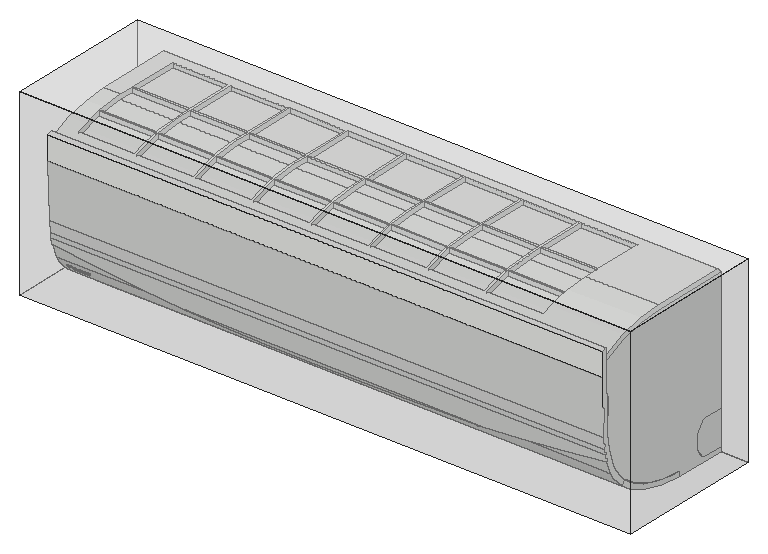
Revit family "outputfile", category 機械設備, Revit 2024
Family settings
  丸型コネクタ寸法 = 半径を使用
  パーツ タイプ = 標準
  OmniClass 番号 = 23.75.10.24.21.27.27
  OmniClass タイトル = Split System Air Conditioning Units
  作業面ベース = いいえ
  常に垂直 = はい
  ロード時にボイドで切り取り = いいえ
  注釈の向きを維持 = いいえ
  共有 = いいえ
  部屋計算ポイント = いいえ
Parameters (values of type "FTKM71QVMA")
  Description = ""
  書き出し IFC クラス(タイプ) = "IfcUnitaryEquipmentType"
  定義済み IFC タイプ(タイプ) = "AIRCONDITIONINGUNIT"
  Cost = 0
  Type Comments = ""
  Keynote = ""
  Type Image = (empty or 0)
  Assembly Code = ""
  w_wall hole = if(Width = 770.0 mm, 48.0 mm, 60.0 mm)  # 60.0 mm
  製造元 = "Daikin"
  モデル = "FTKM71QVMA"
  switch_frequency = yes
  r_Liquid Pipe Size = Liquid Pipe Size / 2  # 3.2 mm
  r_Gas Pipe Size = Gas Pipe Size / 2  # 7.95 mm
  r_Drain Pipe Size = Drain Pipe Size / 2  # 8.0 mm
  lw_powersupply [instance] = if(Width = 770.0 mm, if(or(Rear Right Connection_refrigerant, Bottom Right Connection_refrigerant), 25.0 mm, if(or(Rear Left Connection_refrigerant, Bottom Left Connection_refrigerant), 745.0 mm, 400.0 mm)), if(Width = 990.0 mm, if(or(Rear Right Connection_refrigerant, Bottom Right Connection_refrigerant), 40.0 mm, if(or(Rear Left Connection_refrigerant, Bottom Left Connection_refrigerant), 920.0 mm, 400.0 mm)), if(or(Rear Right Connection_refrigerant, Bottom Right Connection_refrigerant), 40.0 mm, if(or(Rear Left Connection_refrigerant, Bottom Left Connection_refrigerant), 920.0 mm, 400.0 mm))))  # 400.0 mm
  lw_liquidpipe [instance] = if(Width = 770.0 mm, if(or(Rear Right Connection_refrigerant, Bottom Right Connection_refrigerant), 0.0 mm, if(or(Rear Left Connection_refrigerant, Bottom Left Connection_refrigerant), 664.0 mm, 385.0 mm)), if(Width = 900.0 mm, if(or(Rear Right Connection_refrigerant, Bottom Right Connection_refrigerant), 0.0 mm, if(or(Rear Left Connection_refrigerant, Bottom Left Connection_refrigerant), 664.0 mm + (990.0 mm - 770.0 mm), 475.0 mm)), if(or(Rear Right Connection_refrigerant, Bottom Right Connection_refrigerant), 0.0 mm, if(or(Rear Left Connection_refrigerant, Bottom Left Connection_refrigerant), 664.0 mm + (990.0 mm - 770.0 mm), 475.0 mm))))  # 475.0 mm
  lw_gaspipe [instance] = if(Width = 770.0 mm, if(or(Rear Right Connection_refrigerant, Bottom Right Connection_refrigerant), 0.0 mm, if(or(Rear Left Connection_refrigerant, Bottom Left Connection_refrigerant), 675.0 mm, if(Gas Pipe Size = 12.7 mm, 345.0 mm, 335.0 mm))), if(Width = 990.0 mm, if(or(Rear Right Connection_refrigerant, Bottom Right Connection_refrigerant), 10.0 mm, if(or(Rear Left Connection_refrigerant, Bottom Left Connection_refrigerant), 890.0 mm, if(Gas Pipe Size = 15.9 mm, 410.0 mm, 400.0 mm))), if(or(Rear Right Connection_refrigerant, Bottom Right Connection_refrigerant), 10.0 mm, if(or(Rear Left Connection_refrigerant, Bottom Left Connection_refrigerant), 890.0 mm, if(Gas Pipe Size = 15.9 mm, 410.0 mm, 400.0 mm)))))  # 410.0 mm
  lw_drainpipe [instance] = if(Width = 770.0 mm, if(or(Rear Right Connection_refrigerant, Bottom Right Connection_refrigerant), 0.0 mm, if(or(Rear Left Connection_refrigerant, Bottom Left Connection_refrigerant), 770.0 mm - 48.0 mm - 48.0 mm, 440.0 mm)), if(Width = 990.0 mm, if(or(Rear Right Connection_refrigerant, Bottom Right Connection_refrigerant), 0.0 mm, if(or(Rear Left Connection_refrigerant, Bottom Left Connection_refrigerant), 675.0 mm + (990.0 mm - 770.0 mm), 435.0 mm)), if(or(Rear Right Connection_refrigerant, Bottom Right Connection_refrigerant), 0.0 mm, if(or(Rear Left Connection_refrigerant, Bottom Left Connection_refrigerant), 675.0 mm + (990.0 mm - 770.0 mm), 435.0 mm))))  # 435.0 mm
  l_powersupply_length [instance] = if(Width = 770.0 mm, if(Right Connection_refrigerant, 400.0 mm, if(Left Connection_refrigerant, 770.0 mm - 400.0 mm, if(or(Rear Left Connection_refrigerant, Rear Right Connection_refrigerant), 15.0 mm, 50.0 mm))), if(Width = 990.0 mm, if(Right Connection_refrigerant, 400.0 mm, if(Left Connection_refrigerant, 990.0 mm - 400.0 mm, if(or(Rear Left Connection_refrigerant, Rear Right Connection_refrigerant), 15.0 mm, 50.0 mm))), if(Right Connection_refrigerant, 400.0 mm, if(Left Connection_refrigerant, 990.0 mm - 400.0 mm, if(or(Rear Left Connection_refrigerant, Rear Right Connection_refrigerant), 15.0 mm, 50.0 mm)))))  # 400.0 mm
  l_liquidpipe_length [instance] = if(Width = 770.0 mm, if(Right Connection_refrigerant, 433.0 mm, if(Left Connection_refrigerant, 337.0 mm, if(or(Rear Left Connection_refrigerant, Rear Right Connection_refrigerant), 30.0 mm, 40.0 mm))), if(Width = 990.0 mm, if(Right Connection_refrigerant, 535.0 mm, if(Left Connection_refrigerant, 455.0 mm, if(or(Rear Left Connection_refrigerant, Rear Right Connection_refrigerant), 30.0 mm, 40.0 mm))), if(Right Connection_refrigerant, 535.0 mm, if(Left Connection_refrigerant, 455.0 mm, if(or(Rear Left Connection_refrigerant, Rear Right Connection_refrigerant), 30.0 mm, 40.0 mm)))))  # 535.0 mm
  l_gaspipe_length [instance] = if(Width = 770.0 mm, if(Right Connection_refrigerant, if(Gas Pipe Size = 12.7 mm, 393.0 mm, 383.0 mm), if(Left Connection_refrigerant, if(Gas Pipe Size = 12.7 mm, 770.0 mm - 393.0 mm, 770.0 mm - 383.0 mm), if(or(Rear Left Connection_refrigerant, Rear Right Connection_refrigerant), 40.0 mm, 50.0 mm))), if(Width = 990.0 mm, if(Right Connection_refrigerant, if(Gas Pipe Size = 15.9 mm, 470.0 mm, 460.0 mm), if(Left Connection_refrigerant, if(Gas Pipe Size = 15.9 mm, 990.0 mm - 470.0 mm, 990.0 mm - 460.0 mm), if(or(Rear Left Connection_refrigerant, Rear Right Connection_refrigerant), 40.0 mm, 50.0 mm))), if(Right Connection_refrigerant, if(Gas Pipe Size = 15.9 mm, 470.0 mm, 460.0 mm), if(Left Connection_refrigerant, if(Gas Pipe Size = 15.9 mm, 990.0 mm - 470.0 mm, 990.0 mm - 460.0 mm), if(or(Rear Left Connection_refrigerant, Rear Right Connection_refrigerant), 40.0 mm, 50.0 mm)))))  # 470.0 mm
  l_drainpipe_length [instance] = if(Width = 770.0 mm, if(Right Connection_refrigerant, 488.0 mm, if(Left Connection_refrigerant, 282.0 mm, if(or(Rear Left Connection_refrigerant, Rear Right Connection_refrigerant), 15.0 mm, 20.0 mm))), if(Width = 990.0 mm, if(Right Connection_refrigerant, 495.0 mm, if(Left Connection_refrigerant, 495.0 mm, if(or(Rear Left Connection_refrigerant, Rear Right Connection_refrigerant), 15.0 mm, 20.0 mm))), if(Right Connection_refrigerant, 495.0 mm, if(Left Connection_refrigerant, 495.0 mm, if(or(Rear Left Connection_refrigerant, Rear Right Connection_refrigerant), 15.0 mm, 20.0 mm)))))  # 495.0 mm
  h*** = 0.0 mm  # constant formula
  connector_voltage = Voltage_50Hz  # 230 V
  connector_powerinput = [Power Input (Cooling)]  # 0.000 kW
  connector_phase = Phase_50Hz  # 1
  angle_vertical [instance] = if(or(Bottom Left Connection_refrigerant, Bottom Right Connection_refrigerant), 0.00°, 90.00°)  # 90.00°
  angle_horizontal [instance] = if(Right Connection_refrigerant, 90.00°, if(Left Connection_refrigerant, -90.00°, if(or(Rear Left Connection_refrigerant, Rear Right Connection_refrigerant), 180.00°, 0.00°)))  # 90.00°
  Width = 990.0 mm
  Voltage_comment_50Hz = "220 - 240"
  Voltage_50Hz = 230 V
  Version = "ver.1.0"
  Unit Type = "Wall Mounted"
  Unit Mass Weight = 13.00 kg
  Unit Designation [instance] = ""
  Uniclass2015Version = "Products v1.30"
  Uniclass2015Title = "Split coil room air conditioning units"
  Uniclass2015Code = "Pr_70_65_03_86"
  URL = ""
  Total Cooling Capacity [instance] = 0.000 kW
  Sound Pressure Level_M speed (dBA) = 45
  Sound Pressure Level_L speed (dBA) = 37
  Sound Pressure Level_H speed (dBA) = 49
  Sound Power Level_H speed (dB) = 0
  Series = "Single Split_Fan Coil Unit"
  Sensible Cooling Capacity [instance] = 0.000 kW
  Refrigerant Type = "R32"
  Power Input (Cooling) = 0.000 kW
  Phase_50Hz = 1
  Option Accessory 3 [instance] = ""
  Option Accessory 2 [instance] = ""
  Option Accessory 1 [instance] = ""
  Nominal Cooling Capacity = 7.100 kW
  Minimum Circuit Amps_50Hz = 0.0 A
  Minimum Airflow = 738.00 m³/h
  Median Airflow = 936.00 m³/h
  Maximum Fuse Amps_50Hz = 0.0 A
  Maximum Airflow = 1120.00 m³/h
  Material_Casing = DAIKIN_PureWhite_Casing_indoorunit
  Load Classification = HVAC
  Liquid Pipe Size = 6.4 mm
  Link_Nested Family [instance] = ""
  IfcVersion = ""
  IfcExportType = "AIRCONDITIONINGUNIT"
  IfcExportAs = "IfcUnitaryEquipmentType"
  Height = 295.0 mm
  Heat Exchanger Type = "Cross Fin Coil"
  Gas Pipe Size = 15.9 mm
  Frequency_50Hz = 50 Hz
  Fan Type = "Cross Flow Fan"
  Fan Drive = "Direct Drive"
  FCU Tag No. [instance] = ""
  Drain Pipe Size = 16.0 mm
  Design Supply Airflow [instance] = 0.00 m³/h
  Depth = 263.0 mm
  既定の高さ = 0.0 mm
  Cooling Entering Wet Bulb Temperature [instance] = 0.00 °C
  Cooling Entering Dry Bulb Temperature [instance] = 0.00 °C
  Cooling Ambient Wet Bulb Temperature [instance] = 0.00 °C
  Cooling Ambient Dry Bulb Temperature [instance] = 0.00 °C
  Clearance visibility [instance] = yes
  Clearance Top = 30.0 mm
  Clearance Right = 50.0 mm
  Clearance Rear = 0.0 mm
  Clearance Left = 50.0 mm
  Clearance Front = 0.0 mm
  Clearance Bottom = 0.0 mm
  Bottom Right Connection_refrigerant [instance] = no
  Bottom Left Connection_refrigerant [instance] = no
  Rear Right Connection_refrigerant [instance] = no
  Rear Left Connection_refrigerant [instance] = no
  Right Connection_refrigerant [instance] = yes
  Left Connection_refrigerant [instance] = no
Reference planes
  plane 1 "Back": y = 0
  plane 2: z = 0
  plane 3 "Center (Left/Right)": x = 0
  plane 4 "Center (Front/Back)": y = -131.5
  plane 5 "Front": y = -263
  plane 6 "Left": x = -495
  plane 7 "Right": x = 495
  plane 8 "Top": z = 0
  plane 9 "Bottom": z = -295
  plane 10: x = -545
  plane 11: x = 545
  plane 12: y = 0
  plane 13: y = -263
  plane 14: z = 30
  plane 15: z = -295
  plane 16 "lw_Piping and Wiring intake": x = 435
  plane 17 "lw_gaspipe": x = 25
  plane 18 "lw_liquidpipe": x = -40
  plane 19 "lw_drainpipe": x = 0
  plane 20 "lh_drainpipe": z = -275
  plane 21 "lh_liquidpipe": z = -255
  plane 22 "lh_gaspipe": z = -245
  plane 23 "ld_drainpipe": y = -15
  plane 24 "ld_liquidpipe": y = -30
  plane 25 "ld_gaspipe": y = -40
  plane 26 "lw_powersupply": x = 95
Dimensions and locks
  equal spacing: plane 6 "Left", plane 3 "Center (Left/Right)", plane 7 "Right"
  "Width": plane 6 "Left" to plane 7 "Right"
  equal spacing: plane 5 "Front", plane 4 "Center (Front/Back)", plane 1 "Back"
  "Depth": plane 5 "Front" to plane 1 "Back"
  "Height": plane 8 "Top" to plane 9 "Bottom"
  "Clearance Rear": plane 12 to plane 1 "Back"
  "Clearance Front": plane 13 to plane 5 "Front"
  "Clearance Top": plane 14 to plane 8 "Top"
  "Clearance Bottom": plane 9 "Bottom" to plane 15
  "w_wall hole": plane 16 "lw_Piping and Wiring intake" to plane 7 "Right"
  "lw_gaspipe": plane 17 "lw_gaspipe" to plane 16 "lw_Piping and Wiring intake"
  "lw_liquidpipe": plane 18 "lw_liquidpipe" to plane 16 "lw_Piping and Wiring intake"
  "lw_drainpipe": plane 19 "lw_drainpipe" to plane 16 "lw_Piping and Wiring intake"
  locked: plane 20 "lh_drainpipe" to plane 9 "Bottom" at 20
  locked: plane 21 "lh_liquidpipe" to plane 9 "Bottom" at 40
  locked: plane 22 "lh_gaspipe" to plane 9 "Bottom" at 50
  locked: plane 23 "ld_drainpipe" to plane 1 "Back" at 15
  locked: plane 1 "Back" to plane 24 "ld_liquidpipe" at 30
  locked: plane 1 "Back" to plane 25 "ld_gaspipe" at 40
  "lw_powersupply": plane 26 "lw_powersupply" to plane 7 "Right"
  "Clearance Right": plane 7 "Right" to plane 11
  "Clearance Left": plane 10 to plane 6 "Left"
  aligned and locked: level to plane 2
  aligned and locked: plane 12 to nested 1
  aligned and locked: nested 1 to plane 13
  aligned and locked: plane 10 to nested 1
  aligned and locked: plane 11 to nested 1
  aligned and locked: plane 15 to nested 1
  aligned and locked: plane 14 to nested 1
  aligned and locked: plane 17 "lw_gaspipe" to nested 2
  aligned and locked: nested 2 to plane 25 "ld_gaspipe"
  aligned and locked: plane 18 "lw_liquidpipe" to nested 3
  aligned and locked: nested 3 to plane 24 "ld_liquidpipe"
  aligned and locked: plane 19 "lw_drainpipe" to nested 4
  aligned and locked: nested 4 to plane 23 "ld_drainpipe"
  aligned and locked: nested 5 to plane 23 "ld_drainpipe"
  aligned and locked: plane 26 "lw_powersupply" to nested 5
  aligned and locked: level to plane 8 "Top"
  aligned and locked: plane 3 "Center (Left/Right)" to nested 6
  aligned and locked: plane 1 "Back" to nested 6
  aligned and locked: plane 8 "Top" to nested 6
Nested families
  nested 1: "daikin_clearancespace" at (0, -131.5, -132.381), show <- "Clearance visibility", visible <- "Clearance visibility", Link_Nested Family <- "Link_Nested Family", type "daikin_clearancespace"
    with width 1090.0 mm, show yes, height 325.0 mm, depth 263.0 mm, Link_Nested Family ""
  nested 2: "daikin_connector_rotate3" at (25, -40, -245), angle_vertical <- "angle_vertical", angle_horizontal <- "angle_horizontal", length <- "l_gaspipe_length", radius <- "r_Gas Pipe Size", type "daikin_connector_rotate3"
    with show no, radius 7.95 mm, length 470.0 mm, angle_vertical 90.00°, angle_horizontal 90.00°
  nested 3: "daikin_connector_rotate3" at (-40, -30, -255), angle_vertical <- "angle_vertical", angle_horizontal <- "angle_horizontal", radius <- "r_Liquid Pipe Size", length <- "l_liquidpipe_length", type "daikin_connector_rotate3"
    with show no, radius 3.2 mm, length 535.0 mm, angle_vertical 90.00°, angle_horizontal 90.00°
  nested 4: "daikin_connector_rotate3" at (0, -15, -275), angle_vertical <- "angle_vertical", angle_horizontal <- "angle_horizontal", length <- "l_drainpipe_length", radius <- "r_Drain Pipe Size", type "daikin_connector_rotate3"
    with show no, radius 8.0 mm, length 495.0 mm, angle_vertical 90.00°, angle_horizontal 90.00°
  nested 5: "daikin_connector_rotate3" at (95, -15, -245), angle_vertical <- "angle_vertical", angle_horizontal <- "angle_horizontal", length <- "l_powersupply_length", type "daikin_connector_rotate3"
    with show no, radius 10.0 mm, length 400.0 mm, angle_vertical 90.00°, angle_horizontal 90.00°
  nested 6: "DAIKIN_indoorunit_FTKM-QVMA" at (-31, 0, 0), type "FTKM-QVMA"
    with switch_unit1_50-71 yes, switch_unit1_20-46 no, Width 990.0 mm, WALL HOLE-R 60.0 mm, WALL HOLE Size 80.0 mm, Height 295.0 mm
Connectors
  piping at (495, -40, -245), diameter 15.9, driven by "r_Gas Pipe Size"
    settings: on nested 2, index 1, connector inside diameter 609.6 mm, connector length 0.0 mm, flow factor 0, pipe flow 0.00 m³/h, pressure drop 0.0 Pa, fitting loss kfactor 0, connector angle 0.00°, fixture units 0, engagement length 0.0 mm, angle of deflection 0.00°, flow configuration 1, flow direction 2, fitting loss method 0, system type 29, joint type 0, gender type 0, connector reference index -1, connector utility 0, adjustable connector no, is connector primary yes, connector description "Refrigerant Gas Piping"
  piping at (495, -30, -255), diameter 6.4, driven by "r_Liquid Pipe Size"
    settings: on nested 3, index 2, connector inside diameter 609.6 mm, connector length 0.0 mm, flow factor 0, pipe flow 0.00 m³/h, pressure drop 0.0 Pa, fitting loss kfactor 0, connector angle 0.00°, fixture units 0, engagement length 0.0 mm, angle of deflection 0.00°, flow configuration 1, flow direction 1, fitting loss method 0, system type 29, joint type 0, gender type 0, connector reference index -1, connector utility 0, adjustable connector no, is connector primary no, connector description "Refrigerant Liquid Piping"
  piping at (495, -15, -275), diameter 16, driven by "r_Drain Pipe Size"
    settings: on nested 4, index 3, connector inside diameter 609.6 mm, connector length 0.0 mm, flow factor 0, pipe flow 0.00 m³/h, pressure drop 0.0 Pa, fitting loss kfactor 0, connector angle 0.00°, fixture units 0, engagement length 0.0 mm, angle of deflection 0.00°, flow configuration 1, flow direction 2, fitting loss method 4, system type 16, joint type 0, gender type 0, connector reference index -1, connector utility 0, adjustable connector no, is connector primary no, connector description "Condensate Drain Piping"
  electrical at (495, -15, -245), driven by "Load Classification", driven by "connector_powerinput", driven by "connector_voltage", driven by "connector_phase"
    settings: on nested 5, index 4, voltage 230 V, apparent load 0 VA, apparent load phase1 0 VA, apparent load phase2 0 VA, apparent load phase3 0 VA, power factor 1, load classification "HVAC", number of poles 1, system type 30, power factor state 1, is connector primary yes, connector utility no, sub classification motor no, connector description "Power Supply"
Definition of nested family "daikin_clearancespace"
  Parameters (values of type "daikin_clearancespace")
    Description = "daikin_clearancespace"
    width [instance] = 1823.963 mm
    show [instance] = yes
    material = none
    height [instance] = 1359.762 mm
    depth [instance] = 880.0 mm
    Default Elevation = 0.0 mm
    Link_Nested Family [instance] = ""
  Reference planes
    plane 1 "Center (Front/Back)": y = 0
    plane 2 "Center (Elevation)": z = -0.119
    plane 3 "Center (Left/Right)": x = 0
    plane 4: y = 440
    plane 5: y = -440
    plane 6 "Right": x = 911.982
    plane 7 "Left": x = -911.982
    plane 8 "Top": z = 679.762
    plane 9 "Bottom": z = -680
  Forms (mm)
    Extrusion 1, solid, material <- "material", visible <- "show"
      sketch origin (0, 0, 0) x (1, 0, 0) y (0, 1, 0)
        loop
          line (-911.982, 440) -> (-911.982, -440) -> (911.982, -440) -> (911.982, 440) -> (-911.982, 440)
      from -680 to 679.762
  Lines and regions (mm)
    symbolic lines, visible <- "show"
      curve 1: line (911.982, 440, 0) -> (-911.982, 440, 0)
      curve 2: line (-911.982, 440, 0) -> (-911.982, -440, 0)
      curve 3: line (-911.982, -440, 0) -> (911.982, -440, 0)
      curve 4: line (911.982, -440, 0) -> (911.982, 440, 0)
      curve 5: line (911.982, 0, 679.762) -> (-911.982, 0, 679.762)
      curve 6: line (911.982, 0, -680) -> (911.982, 0, 679.762)
      curve 7: line (-911.982, 0, -680) -> (911.982, 0, -680)
      curve 8: line (-911.982, 0, 679.762) -> (-911.982, 0, -680)
      curve 9: line (0, 440, 679.762) -> (0, -440, 679.762)
      curve 10: line (0, -440, 679.762) -> (0, -440, -680)
      curve 11: line (0, 440, -680) -> (0, 440, 679.762)
      curve 12: line (0, -440, -680) -> (0, 440, -680)
  Dimensions and locks
    "width": plane 7 "Left" to plane 6 "Right"
    "depth": plane 4 to plane 5
    "height": plane 8 "Top" to plane 9 "Bottom"
    equal spacing: plane 7 "Left", plane 3 "Center (Left/Right)", plane 6 "Right"
    equal spacing: plane 4, plane 1 "Center (Front/Back)", plane 5
    equal spacing: plane 8 "Top", plane 2 "Center (Elevation)", plane 9 "Bottom"
    aligned and locked: level to plane 2 "Center (Elevation)"
    aligned and locked: Extrusion 1 sketch curve to plane 4
    aligned and locked: plane 7 "Left" to Extrusion 1 sketch curve
    aligned and locked: Extrusion 1 sketch curve to plane 5
    aligned and locked: Extrusion 1 sketch curve to plane 6 "Right"
    aligned and locked: plane 8 "Top" to Extrusion 1
    aligned and locked: curve 1 to Extrusion 1
    aligned and locked: curve 2 to Extrusion 1
    aligned and locked: curve 3 to Extrusion 1
    aligned and locked: curve 4 to Extrusion 1
    aligned and locked: curve 5 to Extrusion 1
    aligned and locked: curve 6 to Extrusion 1
    aligned and locked: curve 7 to Extrusion 1
    aligned and locked: curve 8 to Extrusion 1
    aligned and locked: curve 9 to Extrusion 1
    aligned and locked: curve 10 to Extrusion 1
    aligned and locked: curve 11 to Extrusion 1
    aligned and locked: curve 12 to Extrusion 1
    aligned and locked: Extrusion 1 to plane 9 "Bottom"
Definition of nested family "DAIKIN_indoorunit_FTKM-QVMA"
  Parameters (values of type "FTKM-QVMA")
    switch_unit1_50-71 = Width = 990.0 mm  # no
    switch_unit1_20-46 = Width = 770.0 mm  # yes
    Width = 770.0 mm
    WALL HOLE-R = if(Width = 770.0 mm, 48.0 mm, 60.0 mm)  # 48.0 mm
    WALL HOLE Size = if(Width = 770.0 mm, 65.0 mm, 80.0 mm)  # 65.0 mm
    Material_Casing = none
    Height = if(Width = 770.0 mm, 285.0 mm, 295.0 mm)  # 285.0 mm
    Default Elevation = 0.0 mm
  Reference planes
    plane 1 "Center (Front/Back)": y = 0
    plane 2 "reference_level": z = 0
    plane 3 "Center (Left/Right)": x = 31
    plane 4: x = -354
    plane 5: x = 416
    plane 6: z = -285
  Forms (mm)
    Extrusion 1, solid, material <- "Material_Casing", visible <- "switch_unit1_20-46"
      sketch origin (29, 0, 0) x (0, 1, 0) y (0, 0, 1)
        loop
          line (-5, 0) -> (-98, 0)
          arc (-98, 0) -> (-157.611, -7.211) -> (-213.783, -28.427) r 250
          arc (-213.783, -28.427) -> (-213.842, -32.972) -> (-213.892, -37.516) r 2191
          arc (-213.892, -37.516) -> (-157.832, -15.495) -> (-98.07, -8) r 242
          line (-98.07, -8) -> (0, -8) -> (-5, 0)
      from -383 to 387
    Extrusion 2, solid, material <- "Material_Casing", visible <- "switch_unit1_20-46"
      sketch origin (416, 1296.25, 1200) x (0, 1, 0) y (0, 0, 1)
        loop
          line (-1472.998, -1446.91) -> (-1476.998, -1453.839)
          arc (-1476.998, -1453.839) -> (-1437.481, -1472.422) -> (-1395.25, -1483.538) r 240
          line (-1395.25, -1483.538) -> (-1395.25, -1475.422)
          arc (-1395.25, -1475.422) -> (-1435.407, -1464.663) -> (-1472.998, -1446.91) r 232
      from 0 to -47.5
    Extrusion 3, solid, material <- "Material_Casing", visible <- "switch_unit1_20-46"
      sketch origin (29, 0, 0) x (0, 1, 0) y (0, 0, 1)
        loop
          arc (-223, -60.455) -> (-222.414, -110.646) -> (-220.656, -160.81) r 2149.92
          arc (-220.656, -160.81) -> (-219.65, -174.299) -> (-217.853, -187.706) r 229.911
          arc (-217.853, -187.706) -> (-205.371, -223.594) -> (-181.517, -253.17) r 111
          line (-181.517, -253.17) -> (-177.429, -246.093)
          arc (-177.429, -246.093) -> (-198.77, -218.989) -> (-209.965, -186.36) r 103
          arc (-209.965, -186.36) -> (-211.681, -173.586) -> (-212.651, -160.735) r 221.844
          arc (-212.651, -160.735) -> (-214.739, -93.233) -> (-214.74, -25.699) r 2186.828
          arc (-214.74, -25.699) -> (-214.671, -21.467) -> (-214.594, -17.235) r 2192
          line (-214.594, -17.235) -> (-223, -19.961) -> (-223, -60.455)
      from -383 to 387
    Extrusion 4, solid, material <- "Material_Casing", visible <- "switch_unit1_20-46"
      sketch origin (29, 0, 0) x (0, 1, 0) y (0, 0, 1)
        loop
          line (-181.517, -253.17) -> (-179.597, -249.846)
          arc (-179.597, -249.846) -> (-202.009, -221.399) -> (-213.189, -186.952) r 103
          line (-213.189, -186.952) -> (-217.853, -187.706)
          arc (-217.853, -187.706) -> (-217.533, -189.556) -> (-217.182, -191.4) r 111
          arc (-217.182, -191.4) -> (-213.806, -208.181) -> (-210.362, -224.948) r 4257.809
          arc (-210.362, -224.948) -> (-198.886, -237.857) -> (-186.225, -249.607) r 180
          line (-186.225, -249.607) -> (-181.517, -253.17)
      from -383 to 387
    Extrusion 5, solid, material <- "Material_Casing", visible <- "switch_unit1_20-46"
      sketch origin (29, 0, -20) x (0, 1, 0) y (0, 0, 1)
        loop
          line (0, -265) -> (0, 12) -> (-98.07, 12)
          arc (-98.07, 12) -> (-157.832, 4.505) -> (-213.892, -17.516) r 242
          arc (-213.892, -17.516) -> (-213.638, -79.114) -> (-211.653, -140.681) r 2191
          arc (-211.653, -140.681) -> (-210.685, -153.501) -> (-208.973, -166.243) r 221
          arc (-208.973, -166.243) -> (-197.471, -199.282) -> (-175.482, -226.491) r 102
          arc (-175.482, -226.491) -> (-138.004, -244.019) -> (-98, -254.579) r 231
          line (-98, -254.579) -> (-98, -265) -> (0, -265)
      from -383 to 387
    Extrusion 6, solid, material <- "Material_Casing", visible <- "switch_unit1_20-46"
      sketch origin (-354, 1296.25, 1200) x (0, 1, 0) y (0, 0, 1)
        loop
          line (-1472.998, -1446.91) -> (-1476.998, -1453.839)
          arc (-1476.998, -1453.839) -> (-1437.481, -1472.422) -> (-1395.25, -1483.538) r 240
          line (-1395.25, -1483.538) -> (-1395.25, -1475.422)
          arc (-1395.25, -1475.422) -> (-1435.407, -1464.663) -> (-1472.998, -1446.91) r 232
      from 47 to 0
    Extrusion 7, solid, material <- "Material_Casing", visible <- "switch_unit1_20-46"
      sketch origin (416, 1296.25, 1200) x (0, 1, 0) y (0, 0, 1)
        loop
          line (-1472.998, -1446.91) -> (-1476.998, -1453.839)
          arc (-1476.998, -1453.839) -> (-1443.437, -1470.168) -> (-1407.75, -1481.097) r 240
          line (-1407.75, -1481.097) -> (-1407.75, -1472.894)
          arc (-1407.75, -1472.894) -> (-1441.363, -1462.385) -> (-1472.998, -1446.91) r 232
      from -116.993 to -48.493
    Extrusion 8, solid, material <- "Material_Casing", visible <- "switch_unit1_20-46"
      sketch origin (416, 1296.25, 1200) x (0, 1, 0) y (0, 0, 1)
        loop
          line (-1472.998, -1446.91) -> (-1476.998, -1453.839)
          arc (-1476.998, -1453.839) -> (-1443.437, -1470.168) -> (-1407.75, -1481.097) r 240
          line (-1407.75, -1481.097) -> (-1407.75, -1472.894)
          arc (-1407.75, -1472.894) -> (-1441.363, -1462.385) -> (-1472.998, -1446.91) r 232
      from -717 to -121.993
    Extrusion 9, void
      sketch origin (31, 0, -235) x (1, 0, 0) y (0, 1, 0)
        loop
          line (-252.674, -22.316) -> (-354.941, -22.316) -> (-354.941, -91.341) -> (-252.674, -91.341) -> (-252.674, -22.316)
        loop
          line (-249.341, -91.341) -> (-151.574, -91.341) -> (-151.574, -22.316) -> (-249.341, -22.316) -> (-249.341, -91.341)
        loop
          line (58.309, -22.316) -> (-148.309, -22.316) -> (-148.309, -91.341) -> (58.309, -91.341) -> (58.309, -22.316)
        loop
          line (61.689, -22.316) -> (61.689, -91.341) -> (159.457, -91.341) -> (159.457, -22.316) -> (61.689, -22.316)
        loop
          line (162.789, -22.316) -> (162.789, -91.341) -> (265.057, -91.341) -> (265.057, -22.316) -> (162.789, -22.316)
        loop
          line (-354.941, -94.659) -> (-354.941, -165.259) -> (-252.674, -165.259) -> (-252.674, -94.659) -> (-354.941, -94.659)
        loop
          line (-249.341, -94.659) -> (-249.341, -165.259) -> (-151.574, -165.259) -> (-151.574, -94.659) -> (-249.341, -94.659)
        loop
          line (-148.309, -94.659) -> (-148.309, -165.259) -> (58.309, -165.259) -> (58.309, -94.659) -> (-148.309, -94.659)
        loop
          line (61.689, -94.659) -> (61.689, -165.259) -> (159.457, -165.259) -> (159.457, -94.659) -> (61.689, -94.659)
        loop
          line (162.789, -94.659) -> (162.789, -165.259) -> (265.057, -165.259) -> (265.057, -94.659) -> (162.789, -94.659)
        loop
          line (-354.941, -167.382) -> (-354.941, -192.681) -> (-252.674, -192.681) -> (-252.674, -167.382) -> (-354.941, -167.382)
        loop
          line (-249.341, -167.382) -> (-249.341, -192.681) -> (-151.574, -192.681) -> (-151.574, -167.382) -> (-249.341, -167.382)
        loop
          line (-148.309, -167.382) -> (-148.309, -192.681) -> (58.309, -192.681) -> (58.309, -167.382) -> (-148.309, -167.382)
        loop
          line (159.457, -167.382) -> (61.689, -167.382) -> (61.689, -192.681) -> (159.457, -192.681) -> (159.457, -167.382)
        loop
          line (265.057, -167.382) -> (162.789, -167.382) -> (162.789, -192.681) -> (265.057, -192.681) -> (265.057, -167.382)
      from 201.638 to 250
    Extrusion 10, void
      sketch origin (31, 0, 0) x (1, 0, 0) y (0, 0, 1)
        loop
          arc (597, -174.907) -> (0.056, -245.263) -> (-597, -175.856) r 2585.042
          line (-597, -175.856) -> (-597, -352.872) -> (597, -352.872) -> (597, -174.907)
      from 173 to 315.3
    Extrusion 11, solid, material <- "Material_Casing"
      sketch origin (31, 0, 0) x (1, 0, 0) y (0, 0, 1)
        loop
          circle (337, -240.5) r 32.5
        loop
          circle (-337, -240.5) r 32.5
      from 0 to 5
    Extrusion 12, solid, material <- "Material_Casing", visible <- "switch_unit1_20-46"
      sketch origin (416, 1296.25, 1200) x (0, -1, 0) y (0, 0, 1)
        loop
          line (1326.25, -1417) -> (1296.25, -1417) -> (1296.25, -1477) -> (1326.25, -1477)
          arc (1326.25, -1477) -> (1340.393, -1471.142) -> (1346.25, -1457) r 20
          line (1346.25, -1457) -> (1346.25, -1437)
          arc (1346.25, -1437) -> (1340.393, -1422.858) -> (1326.25, -1417) r 20
      from 0 to 5
    Extrusion 13, solid, material <- "Material_Casing", visible <- "switch_unit1_20-46"
      sketch origin (-354, 1296.25, 1200) x (0, 1, 0) y (0, 0, 1)
        loop
          line (-1296.25, -1417) -> (-1326.25, -1417)
          arc (-1326.25, -1417) -> (-1340.393, -1422.858) -> (-1346.25, -1437) r 20
          line (-1346.25, -1437) -> (-1346.25, -1457)
          arc (-1346.25, -1457) -> (-1340.393, -1471.142) -> (-1326.25, -1477) r 20
          line (-1326.25, -1477) -> (-1296.25, -1477) -> (-1296.25, -1417)
      from 0 to 5
    Extrusion 14, solid, material <- "Material_Casing", visible <- "switch_unit1_20-46"
      sketch origin (31, 0, -285) x (-1, 0, 0) y (0, -1, 0)
        loop
          line (-314, 0) -> (-314, 30)
          arc (-314, 30) -> (-319.858, 44.142) -> (-334, 50) r 20
          line (-334, 50) -> (-354, 50)
          arc (-354, 50) -> (-368.142, 44.142) -> (-374, 30) r 20
          line (-374, 30) -> (-374, 0) -> (-314, 0)
        loop
          line (374, 0) -> (374, 30)
          arc (374, 30) -> (368.142, 44.142) -> (354, 50) r 20
          line (354, 50) -> (334, 50)
          arc (334, 50) -> (319.858, 44.142) -> (314, 30) r 20
          line (314, 30) -> (314, 0) -> (374, 0)
      from 0 to 5
    Extrusion 15, solid, material <- "Material_Casing", visible <- "switch_unit1_50-71"
      sketch origin (31, 0, 0) x (0, 1, 0) y (0, 0, 1)
        loop
          line (-5, 0) -> (-138, 0)
          arc (-138, 0) -> (-197.611, -7.211) -> (-253.783, -28.427) r 250
          arc (-253.783, -28.427) -> (-253.838, -32.687) -> (-253.886, -36.946) r 2191
          arc (-253.886, -36.946) -> (-197.73, -15.346) -> (-138.014, -8) r 246.393
          line (-138.014, -8) -> (0, -8) -> (-5, 0)
      from -495 to 495
    Extrusion 16, solid, material <- "Material_Casing", visible <- "switch_unit1_50-71"
      sketch origin (418, 1296.25, 1200) x (0, 1, 0) y (0, 0, 1)
        loop
          arc (-1515.208, -1454.149) -> (-1506.856, -1460.599) -> (-1497.925, -1466.219) r 110
          arc (-1497.925, -1466.219) -> (-1445.718, -1487.493) -> (-1389.844, -1494.995) r 223
          line (-1389.844, -1494.995) -> (-1389.844, -1486.086) -> (-1404.386, -1486.086)
          arc (-1404.386, -1486.086) -> (-1449.542, -1477.46) -> (-1491.818, -1459.402) r 214.289
          arc (-1491.818, -1459.402) -> (-1501.056, -1453.541) -> (-1509.606, -1446.715) r 101
          line (-1509.606, -1446.715) -> (-1515.208, -1454.149)
      from 108 to 57.5
    Extrusion 17, solid, material <- "Material_Casing", visible <- "switch_unit1_50-71"
      sketch origin (31, 0, 0) x (0, 1, 0) y (0, 0, 1)
        loop
          line (-263, -19.962) -> (-263, -61.6)
          arc (-263, -61.6) -> (-262.414, -110.219) -> (-260.656, -158.81) r 2017.341
          arc (-260.656, -158.81) -> (-255.648, -191.935) -> (-244.041, -223.362) r 164.725
          arc (-244.041, -223.362) -> (-233.569, -239.793) -> (-219.717, -253.495) r 87.379
          line (-219.717, -253.495) -> (-214.706, -246.846)
          arc (-214.706, -246.846) -> (-229.564, -230.029) -> (-240.385, -210.371) r 102
          arc (-240.385, -210.371) -> (-249.049, -182.962) -> (-252.848, -154.467) r 165.789
          arc (-252.848, -154.467) -> (-254.771, -90.102) -> (-254.74, -25.708) r 2122.533
          arc (-254.74, -25.708) -> (-254.671, -21.469) -> (-254.594, -17.23) r 2192
          line (-254.594, -17.23) -> (-263, -19.962)
      from -495 to 495
    Extrusion 18, void
      sketch origin (33, 0, 0) x (1, 0, 0) y (0, 1, 0)
        loop
          line (-466.909, -22.316) -> (-466.909, -111.341) -> (-366.303, -111.341) -> (-366.303, -22.316) -> (-466.909, -22.316)
        loop
          line (-362.71, -22.316) -> (-362.71, -111.341) -> (-262.103, -111.341) -> (-262.103, -22.316) -> (-362.71, -22.316)
        loop
          line (-258.51, -22.316) -> (-258.51, -111.341) -> (-157.904, -111.341) -> (-157.904, -22.316) -> (-258.51, -22.316)
        loop
          line (-154.31, -22.316) -> (-154.31, -111.341) -> (-53.704, -111.341) -> (-53.704, -22.316) -> (-154.31, -22.316)
        loop
          line (-50.11, -22.316) -> (-50.11, -111.341) -> (50.496, -111.341) -> (50.496, -22.316) -> (-50.11, -22.316)
        loop
          line (54.089, -22.316) -> (54.089, -111.341) -> (154.696, -111.341) -> (154.696, -22.316) -> (54.089, -22.316)
        loop
          line (158.289, -22.316) -> (158.289, -111.341) -> (258.895, -111.341) -> (258.895, -22.316) -> (158.289, -22.316)
        loop
          line (262.489, -22.316) -> (262.489, -111.341) -> (363.095, -111.341) -> (363.095, -22.316) -> (262.489, -22.316)
        loop
          line (-466.909, -114.459) -> (-466.909, -185.059) -> (-366.303, -185.059) -> (-366.303, -114.459) -> (-466.909, -114.459)
        loop
          line (-362.71, -114.459) -> (-362.71, -185.059) -> (-262.103, -185.059) -> (-262.103, -114.459) -> (-362.71, -114.459)
        loop
          line (-258.51, -114.459) -> (-258.51, -185.059) -> (-157.904, -185.059) -> (-157.904, -114.459) -> (-258.51, -114.459)
        loop
          line (-154.31, -114.459) -> (-154.31, -185.059) -> (-53.704, -185.059) -> (-53.704, -114.459) -> (-154.31, -114.459)
        loop
          line (-50.11, -114.459) -> (-50.11, -185.059) -> (50.496, -185.059) -> (50.496, -114.459) -> (-50.11, -114.459)
        loop
          line (54.089, -114.459) -> (54.089, -185.059) -> (154.696, -185.059) -> (154.696, -114.459) -> (54.089, -114.459)
        loop
          line (158.289, -114.459) -> (158.289, -185.059) -> (258.895, -185.059) -> (258.895, -114.459) -> (158.289, -114.459)
        loop
          line (262.489, -114.459) -> (262.489, -185.059) -> (363.095, -185.059) -> (363.095, -114.459) -> (262.489, -114.459)
        loop
          line (-466.909, -187.382) -> (-466.909, -232.681) -> (-366.303, -232.681) -> (-366.303, -187.382) -> (-466.909, -187.382)
        loop
          line (-362.71, -187.382) -> (-362.71, -232.681) -> (-262.103, -232.681) -> (-262.103, -187.382) -> (-362.71, -187.382)
        loop
          line (-258.51, -187.382) -> (-258.51, -232.681) -> (-157.904, -232.681) -> (-157.904, -187.382) -> (-258.51, -187.382)
        loop
          line (-154.31, -187.382) -> (-154.31, -232.681) -> (-53.704, -232.681) -> (-53.704, -187.382) -> (-154.31, -187.382)
        loop
          line (-50.11, -187.382) -> (-50.11, -232.681) -> (50.496, -232.681) -> (50.496, -187.382) -> (-50.11, -187.382)
        loop
          line (54.089, -187.382) -> (54.089, -232.681) -> (154.696, -232.681) -> (154.696, -187.382) -> (54.089, -187.382)
        loop
          line (158.289, -187.382) -> (158.289, -232.681) -> (258.895, -232.681) -> (258.895, -187.382) -> (158.289, -187.382)
        loop
          line (262.489, -187.382) -> (262.489, -232.681) -> (363.095, -232.681) -> (363.095, -187.382) -> (262.489, -187.382)
      from -40.013 to 47.268
    Extrusion 19, void
      sketch origin (33, 0, 2300) x (1, 0, 0) y (0, 0, 1)
        loop
          line (705, -2672.872) -> (705, -2462.4)
          arc (705, -2462.4) -> (-2.043, -2534.819) -> (-709, -2461.567) r 3467.757
          line (-709, -2461.567) -> (-709, -2672.872) -> (705, -2672.872)
      from 173 to 315.3
    Extrusion 20, solid, material <- "Material_Casing", visible <- "switch_unit1_50-71"
      sketch origin (-356, 1296.25, 1200) x (0, 1, 0) y (0, 0, -1)
        loop
          line (-1515.208, 1454.149) -> (-1509.606, 1446.715)
          arc (-1509.606, 1446.715) -> (-1501.056, 1453.541) -> (-1491.818, 1459.402) r 101
          arc (-1491.818, 1459.402) -> (-1449.542, 1477.46) -> (-1404.386, 1486.086) r 214.289
          line (-1404.386, 1486.086) -> (-1389.844, 1486.086) -> (-1389.844, 1494.995)
          arc (-1389.844, 1494.995) -> (-1445.718, 1487.493) -> (-1497.925, 1466.219) r 223
          arc (-1497.925, 1466.219) -> (-1506.856, 1460.599) -> (-1515.208, 1454.149) r 110
      from 108 to 61
    Extrusion 21, solid, material <- "Material_Casing", visible <- "switch_unit1_50-71"
      sketch origin (418, 1296.25, 1200) x (0, 1, 0) y (0, 0, 1)
        loop
          arc (-1515.208, -1454.149) -> (-1506.856, -1460.599) -> (-1497.925, -1466.219) r 110
          arc (-1497.925, -1466.219) -> (-1463.185, -1482.066) -> (-1426.25, -1491.755) r 223
          line (-1426.25, -1491.755) -> (-1426.25, -1483.166)
          arc (-1426.25, -1483.166) -> (-1460.008, -1473.969) -> (-1491.818, -1459.402) r 214.289
          arc (-1491.818, -1459.402) -> (-1501.056, -1453.541) -> (-1509.606, -1446.715) r 101
          line (-1509.606, -1446.715) -> (-1515.208, -1454.149)
      from 56.5 to -36.993
    Extrusion 22, solid, material <- "Material_Casing", visible <- "switch_unit1_50-71"
      sketch origin (418, 1296.25, 1200) x (0, 1, 0) y (0, 0, 1)
        loop
          arc (-1426.25, -1483.166) -> (-1443.442, -1479.224) -> (-1460.25, -1473.881) r 214.289
          line (-1460.25, -1473.881) -> (-1460.25, -1483.089)
          arc (-1460.25, -1483.089) -> (-1443.421, -1488.091) -> (-1426.25, -1491.755) r 223
          line (-1426.25, -1491.755) -> (-1426.25, -1483.166)
      from -43.493 to -828.893
    Extrusion 23, solid, material <- "Material_Casing", visible <- "switch_unit1_50-71"
      sketch origin (418, 1296.25, 1200) x (0, 1, 0) y (0, 0, 1)
        loop
          arc (-1515.208, -1454.149) -> (-1506.856, -1460.599) -> (-1497.925, -1466.219) r 110
          arc (-1497.925, -1466.219) -> (-1479.479, -1475.527) -> (-1460.25, -1483.089) r 223
          line (-1460.25, -1483.089) -> (-1460.25, -1473.881)
          arc (-1460.25, -1473.881) -> (-1476.328, -1467.282) -> (-1491.818, -1459.402) r 214.289
          arc (-1491.818, -1459.402) -> (-1501.056, -1453.541) -> (-1509.606, -1446.715) r 101
          line (-1509.606, -1446.715) -> (-1515.208, -1454.149)
      from -43.493 to -828.893
    Extrusion 24, solid, material <- "Material_Casing", visible <- "switch_unit1_50-71"
      sketch origin (31, 0, 0) x (0, 1, 0) y (0, 0, 1)
        loop
          arc (-217.78, -250.924) -> (-234.088, -233.307) -> (-245.826, -212.366) r 102
          arc (-245.826, -212.366) -> (-251.608, -196.062) -> (-255.659, -179.245) r 165.789
          line (-255.659, -179.245) -> (-258.299, -179.737)
          arc (-258.299, -179.737) -> (-257.524, -183.799) -> (-256.646, -187.84) r 164.725
          arc (-256.646, -187.84) -> (-252.868, -206.25) -> (-249.973, -224.82) r 393.089
          arc (-249.973, -224.82) -> (-239.237, -236.969) -> (-227.451, -248.102) r 180
          arc (-227.451, -248.102) -> (-223.723, -250.998) -> (-219.717, -253.495) r 45.878
          line (-219.717, -253.495) -> (-217.78, -250.924)
      from -495 to 495
    Extrusion 25, solid, material <- "Material_Casing", visible <- "switch_unit1_50-71"
      sketch origin (31, 0, -30) x (0, 1, 0) y (0, 0, 1)
        loop
          line (0, 22) -> (-138.014, 22)
          arc (-138.014, 22) -> (-197.73, 14.654) -> (-253.886, -6.946) r 246.393
          arc (-253.886, -6.946) -> (-253.682, -65.635) -> (-251.855, -124.295) r 2120.935
          arc (-251.855, -124.295) -> (-248.086, -152.682) -> (-239.461, -179.988) r 164.789
          arc (-239.461, -179.988) -> (-228.903, -199.231) -> (-214.437, -215.738) r 101
          line (-214.437, -215.738) -> (-212.406, -216.221)
          arc (-212.406, -216.221) -> (-204.07, -222.837) -> (-195.079, -228.53) r 100
          arc (-195.079, -228.53) -> (-145.557, -248.629) -> (-92.593, -255.785) r 213.289
          line (-92.593, -255.785) -> (-92.593, -265) -> (0, -265) -> (0, 22)
      from -495 to 495
    Extrusion 26, solid, material <- "Material_Casing", visible <- "switch_unit1_50-71"
      sketch origin (526, 1296.25, 1200) x (0, -1, 0) y (0, 0, 1)
        loop
          line (1326.25, -1427.035) -> (1296.25, -1427.035) -> (1296.25, -1487.035) -> (1326.25, -1487.035)
          arc (1326.25, -1487.035) -> (1340.393, -1481.177) -> (1346.25, -1467.035) r 20
          line (1346.25, -1467.035) -> (1346.25, -1447.035)
          arc (1346.25, -1447.035) -> (1340.393, -1432.892) -> (1326.25, -1427.035) r 20
      from 0 to 5
    Extrusion 27, solid, material <- "Material_Casing", visible <- "switch_unit1_50-71"
      sketch origin (-459, 1296.25, 1200) x (0, -1, 0) y (0, 0, 1)
        loop
          line (1326.25, -1427.035) -> (1296.25, -1427.035) -> (1296.25, -1487.035) -> (1326.25, -1487.035)
          arc (1326.25, -1487.035) -> (1340.393, -1481.177) -> (1346.25, -1467.035) r 20
          line (1346.25, -1467.035) -> (1346.25, -1447.035)
          arc (1346.25, -1447.035) -> (1340.393, -1432.892) -> (1326.25, -1427.035) r 20
      from 0 to 5
    Extrusion 28, solid, material <- "Material_Casing", visible <- "switch_unit1_50-71"
      sketch origin (31, 200, -295) x (-1, 0, 0) y (0, -1, 0)
        loop
          line (469, 200) -> (469, 230)
          arc (469, 230) -> (463.142, 244.142) -> (449, 250) r 20
          line (449, 250) -> (429, 250)
          arc (429, 250) -> (414.858, 244.142) -> (409, 230) r 20
          line (409, 230) -> (409, 200) -> (469, 200)
        loop
          line (-469, 200) -> (-409, 200) -> (-409, 230)
          arc (-409, 230) -> (-414.858, 244.142) -> (-429, 250) r 20
          line (-429, 250) -> (-449, 250)
          arc (-449, 250) -> (-463.142, 244.142) -> (-469, 230) r 20
          line (-469, 230) -> (-469, 200)
      from 0 to 5
  Cuts and joins
    Extrusion 9 cuts Extrusion 1
    Extrusion 10 cuts Extrusion 4
    joined: Extrusion 3, Extrusion 4
    Extrusion 18 cuts Extrusion 15
    Extrusion 19 cuts Extrusion 24
    joined: Extrusion 17, Extrusion 24
  Lines and regions (mm)
    reference lines
      curve 1: line (-523, -201.911, -229.404) -> (-523, -193.542, -239.977)
      curve 2: line (-523, -240.779, -229.404) -> (-523, -232.411, -239.977)
  Dimensions and locks
    locked: Extrusion 10 sketch curve to Extrusion 10 sketch curve at 1194
    Extrusion 10 sketch curve to Extrusion 10 sketch curve = 1194.0 mm
    locked: Extrusion 12 sketch curve to Extrusion 12 sketch curve at 60
    locked: Extrusion 12 sketch curve to Extrusion 12 sketch curve at 50
    locked: Extrusion 14 sketch curve to Extrusion 14 sketch curve at 60  (x2)
    locked: Extrusion 14 sketch curve to Extrusion 14 sketch curve at 50
    equal spacing: plane 5, plane 3 "Center (Left/Right)", plane 4
    "Width": plane 5 to plane 4
    locked: Extrusion 11 sketch curve to plane 4 at 48
    "WALL HOLE-R": plane 5 to Extrusion 11 sketch curve
    "Height": plane 2 "reference_level" to plane 6
    locked: Extrusion 11 sketch curve to plane 6 at 44.5  (x2)
    locked: cut or joined group of Extrusion 3, Extrusion 4, Extrusion 10 to nested 1 at 15
    locked: Extrusion 17 to nested 2 at 15
    locked: Extrusion 26 sketch curve to Extrusion 26 sketch curve at 60
    locked: Extrusion 26 sketch curve to Extrusion 26 sketch curve at 50
    locked: Extrusion 27 sketch curve to Extrusion 27 sketch curve at 60
    locked: Extrusion 27 sketch curve to Extrusion 27 sketch curve at 50
    locked: Extrusion 28 sketch curve to Extrusion 28 sketch curve at 60  (x2)
    locked: Extrusion 28 sketch curve to Extrusion 28 sketch curve at 50  (x2)
    "WALL HOLE Size": diameter of Extrusion 11 sketch curve  (x2)
    aligned and locked: level to plane 2 "reference_level"
    aligned and locked: nested 1 to curve 1
    aligned and locked: Extrusion 13 sketch curve to Extrusion 12  (x4)
    aligned and locked: Extrusion 14 sketch curve to Extrusion 14 sketch curve  (x2)
    aligned and locked: Extrusion 11 to plane 1 "Center (Front/Back)"
    aligned and locked: nested 2 to curve 2
  Automatic sketch dimensions
    Extrusion 10 sketch curve to plane 3 "Center (Left/Right)" = 597.0 mm
    Extrusion 10 sketch curve to plane 3 "Center (Left/Right)" = 2.0 mm
    Extrusion 10 sketch curve to level = 352.872 mm
    Extrusion 10 sketch curve to level = 175.856 mm
    Extrusion 10 sketch curve to level = 174.907 mm
    curve 1 to level = 239.977 mm
    plane 1 "Center (Front/Back)" to curve 1 = 193.542 mm
    curve 2 to curve 1 = 0.0 mm
    curve 2 to curve 2 = 10.573 mm
    curve 1 to curve 1 = 10.573 mm
    curve 1 to curve 1 = 8.368 mm
    curve 1 to curve 2 = 30.5 mm
    curve 2 to curve 2 = 8.368 mm
    Extrusion 19 sketch curve to plane 3 "Center (Left/Right)" = 707.0 mm
    plane 3 "Center (Left/Right)" to Extrusion 19 sketch curve = 2.0 mm
    plane 3 "Center (Left/Right)" to Extrusion 19 sketch curve = 707.0 mm
    Extrusion 19 sketch curve to level = 372.872 mm
    Extrusion 19 sketch curve to level = 162.4 mm
    Extrusion 19 sketch curve to level = 161.567 mm
    Extrusion 1 sketch curve to level = 0.0 mm
    Extrusion 1 sketch curve to plane 1 "Center (Front/Back)" = 0.0 mm
    plane 1 "Center (Front/Back)" to Extrusion 1 sketch curve = 5.0 mm
    plane 1 "Center (Front/Back)" to Extrusion 1 sketch curve = 98.0 mm
    Extrusion 1 sketch curve to Extrusion 1 sketch curve = 0.07 mm
    Extrusion 1 sketch curve to level = 59.292 mm
    Extrusion 1 sketch curve to plane 1 "Center (Front/Back)" = 1977.0 mm
    Extrusion 1 sketch curve to level = 250.0 mm
    Extrusion 1 sketch curve to Extrusion 1 sketch curve = 0.0 mm
    Extrusion 1 sketch curve to level = 8.0 mm
    Extrusion 1 sketch curve to level = 28.427 mm
    plane 1 "Center (Front/Back)" to Extrusion 2 sketch curve = 180.748 mm
    Extrusion 2 sketch curve to Extrusion 2 sketch curve = 4.0 mm
    Extrusion 2 sketch curve to Extrusion 2 sketch curve = 77.747 mm
    plane 1 "Center (Front/Back)" to Extrusion 2 sketch curve = 59.279 mm
    Extrusion 2 sketch curve to Extrusion 2 sketch curve = 0.0 mm
    Extrusion 2 sketch curve to level = 283.538 mm
    Extrusion 2 sketch curve to Extrusion 2 sketch curve = 8.116 mm
    Extrusion 2 sketch curve to Extrusion 2 sketch curve = 21.583 mm
    Extrusion 2 sketch curve to Extrusion 2 sketch curve = 6.929 mm
    Extrusion 3 sketch curve to level = 19.961 mm
    plane 1 "Center (Front/Back)" to Extrusion 3 sketch curve = 223.0 mm
    Extrusion 3 sketch curve to level = 17.235 mm
    Extrusion 3 sketch curve to Extrusion 3 sketch curve = 8.406 mm
    plane 1 "Center (Front/Back)" to Extrusion 3 sketch curve = 181.517 mm
    Extrusion 3 sketch curve to Extrusion 3 sketch curve = 4.087 mm
    Extrusion 3 sketch curve to Extrusion 3 sketch curve = 69.11 mm
    Extrusion 3 sketch curve to Extrusion 3 sketch curve = 0.001 mm
    Extrusion 3 sketch curve to plane 1 "Center (Front/Back)" = 8.955 mm
    Extrusion 3 sketch curve to Extrusion 3 sketch curve = 0.067 mm
    Extrusion 3 sketch curve to level = 60.455 mm
    Extrusion 3 sketch curve to Extrusion 3 sketch curve = 1917.898 mm
    Extrusion 3 sketch curve to Extrusion 3 sketch curve = 44.907 mm
    Extrusion 3 sketch curve to Extrusion 3 sketch curve = 5.172 mm
    Extrusion 3 sketch curve to level = 150.456 mm
    Extrusion 3 sketch curve to Extrusion 3 sketch curve = 0.006 mm
    Extrusion 3 sketch curve to Extrusion 3 sketch curve = 19.265 mm
    Extrusion 3 sketch curve to Extrusion 3 sketch curve = 0.004 mm
    Extrusion 3 sketch curve to Extrusion 3 sketch curve = 76.368 mm
    Extrusion 3 sketch curve to Extrusion 3 sketch curve = 7.077 mm
    Extrusion 3 sketch curve to Extrusion 3 sketch curve = 1.002 mm
    Extrusion 3 sketch curve to Extrusion 3 sketch curve = 0.046 mm
    Extrusion 3 sketch curve to Extrusion 3 sketch curve = 8.005 mm
    Extrusion 3 sketch curve to Extrusion 3 sketch curve = 0.147 mm
    Extrusion 3 sketch curve to Extrusion 3 sketch curve = 0.0 mm
    plane 1 "Center (Front/Back)" to Extrusion 4 sketch curve = 217.853 mm
    Extrusion 4 sketch curve to Extrusion 4 sketch curve = 4.664 mm
    Extrusion 4 sketch curve to Extrusion 4 sketch curve = 26.964 mm
    Extrusion 4 sketch curve to Extrusion 4 sketch curve = 4.708 mm
    Extrusion 4 sketch curve to Extrusion 4 sketch curve = 1.92 mm
    Extrusion 4 sketch curve to Extrusion 4 sketch curve = 68.441 mm
    Extrusion 4 sketch curve to Extrusion 4 sketch curve = 2.837 mm
    Extrusion 4 sketch curve to Extrusion 4 sketch curve = 38.066 mm
    level to Extrusion 4 sketch curve = 640.031 mm
    Extrusion 4 sketch curve to plane 1 "Center (Front/Back)" = 3958.661 mm
    Extrusion 4 sketch curve to level = 111.946 mm
    Extrusion 4 sketch curve to Extrusion 4 sketch curve = 57.779 mm
    Extrusion 4 sketch curve to Extrusion 4 sketch curve = 3.149 mm
    Extrusion 4 sketch curve to Extrusion 4 sketch curve = 14.078 mm
    Extrusion 4 sketch curve to Extrusion 4 sketch curve = 0.754 mm
    Extrusion 4 sketch curve to Extrusion 4 sketch curve = 0.239 mm
    Extrusion 4 sketch curve to Extrusion 4 sketch curve = 3.324 mm
    Extrusion 4 sketch curve to Extrusion 4 sketch curve = 0.0 mm
    Extrusion 5 sketch curve to plane 1 "Center (Front/Back)" = 0.0 mm
    plane 1 "Center (Front/Back)" to Extrusion 5 sketch curve = 59.278 mm
    Extrusion 5 sketch curve to Extrusion 5 sketch curve = 98.0 mm
    Extrusion 5 sketch curve to Extrusion 5 sketch curve = 0.0 mm  (x3)
    Extrusion 5 sketch curve to level = 8.0 mm
    Extrusion 5 sketch curve to Extrusion 5 sketch curve = 38.791 mm
    Extrusion 5 sketch curve to Extrusion 5 sketch curve = 10.249 mm
    Extrusion 5 sketch curve to plane 1 "Center (Front/Back)" = 9.11 mm
    Extrusion 5 sketch curve to level = 59.292 mm
    Extrusion 5 sketch curve to Extrusion 5 sketch curve = 1967.89 mm
    Extrusion 5 sketch curve to Extrusion 5 sketch curve = 142.454 mm
    Extrusion 5 sketch curve to Extrusion 5 sketch curve = 19.271 mm
    Extrusion 5 sketch curve to Extrusion 5 sketch curve = 80.275 mm
    Extrusion 5 sketch curve to Extrusion 5 sketch curve = 24.579 mm
    Extrusion 5 sketch curve to Extrusion 5 sketch curve = 10.421 mm
    Extrusion 5 sketch curve to level = 46.847 mm
    Extrusion 5 sketch curve to Extrusion 5 sketch curve = 77.412 mm
    Extrusion 5 sketch curve to Extrusion 5 sketch curve = 33.49 mm
    Extrusion 5 sketch curve to Extrusion 5 sketch curve = 2.68 mm
    plane 1 "Center (Front/Back)" to Extrusion 6 sketch curve = 180.748 mm
    Extrusion 6 sketch curve to Extrusion 6 sketch curve = 4.0 mm
    Extrusion 6 sketch curve to Extrusion 6 sketch curve = 77.747 mm
    plane 1 "Center (Front/Back)" to Extrusion 6 sketch curve = 59.279 mm
    Extrusion 6 sketch curve to Extrusion 6 sketch curve = 0.0 mm
    Extrusion 6 sketch curve to level = 283.538 mm
    Extrusion 6 sketch curve to Extrusion 6 sketch curve = 8.116 mm
    Extrusion 6 sketch curve to Extrusion 6 sketch curve = 21.583 mm
    Extrusion 6 sketch curve to Extrusion 6 sketch curve = 6.929 mm
    plane 1 "Center (Front/Back)" to Extrusion 7 sketch curve = 180.748 mm
    Extrusion 7 sketch curve to Extrusion 7 sketch curve = 4.0 mm
    Extrusion 7 sketch curve to Extrusion 7 sketch curve = 65.247 mm
    plane 1 "Center (Front/Back)" to Extrusion 7 sketch curve = 59.279 mm
    Extrusion 7 sketch curve to Extrusion 7 sketch curve = 0.0 mm
    Extrusion 7 sketch curve to level = 281.097 mm
    Extrusion 7 sketch curve to Extrusion 7 sketch curve = 8.203 mm
    Extrusion 7 sketch curve to Extrusion 7 sketch curve = 19.055 mm
    Extrusion 7 sketch curve to Extrusion 7 sketch curve = 6.929 mm
    plane 1 "Center (Front/Back)" to Extrusion 8 sketch curve = 180.748 mm
    Extrusion 8 sketch curve to Extrusion 8 sketch curve = 4.0 mm
    Extrusion 8 sketch curve to Extrusion 8 sketch curve = 65.247 mm
    plane 1 "Center (Front/Back)" to Extrusion 8 sketch curve = 59.279 mm
    Extrusion 8 sketch curve to Extrusion 8 sketch curve = 0.0 mm
    Extrusion 8 sketch curve to level = 281.097 mm
    Extrusion 8 sketch curve to Extrusion 8 sketch curve = 8.203 mm
    Extrusion 8 sketch curve to Extrusion 8 sketch curve = 19.055 mm
    Extrusion 8 sketch curve to Extrusion 8 sketch curve = 6.929 mm
    plane 1 "Center (Front/Back)" to Extrusion 9 sketch curve = 165.259 mm  (x2)
    Extrusion 9 sketch curve to plane 3 "Center (Left/Right)" = 354.941 mm
    plane 1 "Center (Front/Back)" to Extrusion 9 sketch curve = 22.316 mm  (x3)
    Extrusion 9 sketch curve to Extrusion 9 sketch curve = 0.0 mm  (x26)
    Extrusion 9 sketch curve to Extrusion 9 sketch curve = 102.268 mm  (x2)
    Extrusion 9 sketch curve to Extrusion 9 sketch curve = 3.332 mm  (x4)
    Extrusion 9 sketch curve to Extrusion 9 sketch curve = 97.768 mm  (x2)
    Extrusion 9 sketch curve to Extrusion 9 sketch curve = 3.264 mm  (x3)
    plane 3 "Center (Left/Right)" to Extrusion 9 sketch curve = 58.309 mm
    Extrusion 9 sketch curve to Extrusion 9 sketch curve = 3.38 mm  (x3)
    Extrusion 9 sketch curve to Extrusion 9 sketch curve = 2.124 mm  (x6)
    Extrusion 9 sketch curve to Extrusion 9 sketch curve = 25.299 mm  (x2)
    Extrusion 9 sketch curve to Extrusion 9 sketch curve = 70.6 mm
    Extrusion 9 sketch curve to Extrusion 9 sketch curve = 3.317 mm  (x4)
    Extrusion 12 sketch curve to plane 1 "Center (Front/Back)" = 0.0 mm
    Extrusion 12 sketch curve to Extrusion 12 sketch curve = 20.0 mm  (x2)
    Extrusion 12 sketch curve to level = 277.0 mm
    plane 1 "Center (Front/Back)" to Extrusion 14 sketch curve = 0.0 mm
    plane 3 "Center (Left/Right)" to Extrusion 14 sketch curve = 374.0 mm
    Extrusion 14 sketch curve to Extrusion 14 sketch curve = 20.0 mm  (x3)
    plane 1 "Center (Front/Back)" to Extrusion 14 sketch curve = 30.0 mm
    Extrusion 14 sketch curve to plane 3 "Center (Left/Right)" = 314.0 mm
    Extrusion 15 sketch curve to level = 0.0 mm
    Extrusion 15 sketch curve to plane 1 "Center (Front/Back)" = 0.0 mm
    plane 1 "Center (Front/Back)" to Extrusion 15 sketch curve = 5.0 mm
    Extrusion 15 sketch curve to Extrusion 15 sketch curve = 133.0 mm
    Extrusion 15 sketch curve to Extrusion 15 sketch curve = 0.013 mm
    Extrusion 15 sketch curve to level = 59.292 mm
    Extrusion 15 sketch curve to plane 1 "Center (Front/Back)" = 1937.0 mm
    Extrusion 15 sketch curve to Extrusion 15 sketch curve = 250.0 mm
    Extrusion 15 sketch curve to Extrusion 15 sketch curve = 4.393 mm
    Extrusion 15 sketch curve to level = 8.0 mm
    Extrusion 15 sketch curve to level = 28.427 mm
    plane 1 "Center (Front/Back)" to Extrusion 16 sketch curve = 218.957 mm
    Extrusion 16 sketch curve to Extrusion 16 sketch curve = 5.601 mm
    Extrusion 16 sketch curve to Extrusion 16 sketch curve = 65.735 mm
    Extrusion 16 sketch curve to Extrusion 16 sketch curve = 1.462 mm
    plane 1 "Center (Front/Back)" to Extrusion 16 sketch curve = 108.136 mm
    Extrusion 16 sketch curve to Extrusion 16 sketch curve = 14.543 mm
    plane 1 "Center (Front/Back)" to Extrusion 16 sketch curve = 92.093 mm
    Extrusion 16 sketch curve to Extrusion 16 sketch curve = 1.354 mm
    Extrusion 16 sketch curve to level = 294.995 mm
    Extrusion 16 sketch curve to Extrusion 16 sketch curve = 8.909 mm
    Extrusion 16 sketch curve to Extrusion 16 sketch curve = 31.937 mm
    Extrusion 16 sketch curve to Extrusion 16 sketch curve = 7.433 mm
    Extrusion 16 sketch curve to Extrusion 16 sketch curve = 75.403 mm
    Extrusion 16 sketch curve to Extrusion 16 sketch curve = 0.896 mm
    Extrusion 16 sketch curve to level = 72.504 mm
    Extrusion 16 sketch curve to Extrusion 16 sketch curve = 0.504 mm
    Extrusion 17 sketch curve to level = 19.962 mm
    plane 1 "Center (Front/Back)" to Extrusion 17 sketch curve = 263.0 mm
    Extrusion 17 sketch curve to level = 17.23 mm
    Extrusion 17 sketch curve to Extrusion 17 sketch curve = 8.406 mm
    Extrusion 17 sketch curve to Extrusion 17 sketch curve = 43.283 mm
    Extrusion 17 sketch curve to Extrusion 17 sketch curve = 5.011 mm
    Extrusion 17 sketch curve to Extrusion 17 sketch curve = 49.129 mm
    Extrusion 17 sketch curve to Extrusion 17 sketch curve = 19.417 mm
    Extrusion 17 sketch curve to Extrusion 17 sketch curve = 50.037 mm
    Extrusion 17 sketch curve to Extrusion 17 sketch curve = 8.89 mm
    Extrusion 17 sketch curve to level = 61.6 mm
    Extrusion 17 sketch curve to plane 1 "Center (Front/Back)" = 1754.341 mm
    Extrusion 17 sketch curve to level = 58.909 mm
    Extrusion 17 sketch curve to Extrusion 17 sketch curve = 113.192 mm
    Extrusion 17 sketch curve to Extrusion 17 sketch curve = 69.467 mm
    Extrusion 17 sketch curve to level = 146.886 mm
    Extrusion 17 sketch curve to Extrusion 17 sketch curve = 3.987 mm
    Extrusion 17 sketch curve to Extrusion 17 sketch curve = 20.44 mm
    Extrusion 17 sketch curve to Extrusion 17 sketch curve = 13.597 mm
    Extrusion 17 sketch curve to Extrusion 17 sketch curve = 61.936 mm
    Extrusion 17 sketch curve to Extrusion 17 sketch curve = 6.649 mm
    Extrusion 17 sketch curve to level = 59.438 mm
    Extrusion 17 sketch curve to Extrusion 17 sketch curve = 0.0 mm
    Extrusion 17 sketch curve to Extrusion 17 sketch curve = 0.147 mm
    Extrusion 17 sketch curve to Extrusion 17 sketch curve = 7.808 mm
    plane 1 "Center (Front/Back)" to Extrusion 18 sketch curve = 22.316 mm  (x6)
    Extrusion 18 sketch curve to plane 3 "Center (Left/Right)" = 464.909 mm
    Extrusion 18 sketch curve to Extrusion 18 sketch curve = 0.0 mm  (x27)
    Extrusion 18 sketch curve to Extrusion 18 sketch curve = 100.606 mm  (x7)
    Extrusion 18 sketch curve to Extrusion 18 sketch curve = 3.594 mm  (x16)
    Extrusion 18 sketch curve to plane 3 "Center (Left/Right)" = 51.704 mm
    plane 3 "Center (Left/Right)" to Extrusion 18 sketch curve = 52.496 mm  (x2)
    Extrusion 18 sketch curve to Extrusion 18 sketch curve = 89.026 mm  (x6)
    Extrusion 18 sketch curve to Extrusion 18 sketch curve = 3.117 mm  (x8)
    Extrusion 18 sketch curve to Extrusion 18 sketch curve = 70.6 mm  (x7)
    Extrusion 18 sketch curve to Extrusion 18 sketch curve = 2.324 mm  (x8)
    Extrusion 18 sketch curve to Extrusion 18 sketch curve = 45.299 mm  (x7)
    plane 1 "Center (Front/Back)" to Extrusion 20 sketch curve = 218.957 mm
    Extrusion 20 sketch curve to Extrusion 20 sketch curve = 5.601 mm
    Extrusion 20 sketch curve to Extrusion 20 sketch curve = 65.735 mm
    Extrusion 20 sketch curve to Extrusion 20 sketch curve = 1.462 mm
    plane 1 "Center (Front/Back)" to Extrusion 20 sketch curve = 108.136 mm
    Extrusion 20 sketch curve to Extrusion 20 sketch curve = 14.543 mm
    plane 1 "Center (Front/Back)" to Extrusion 20 sketch curve = 92.093 mm
    Extrusion 20 sketch curve to Extrusion 20 sketch curve = 1.354 mm
    Extrusion 20 sketch curve to level = 72.0 mm
    Extrusion 20 sketch curve to Extrusion 20 sketch curve = 0.504 mm
    Extrusion 20 sketch curve to Extrusion 20 sketch curve = 98.416 mm
    Extrusion 20 sketch curve to Extrusion 20 sketch curve = 0.896 mm
